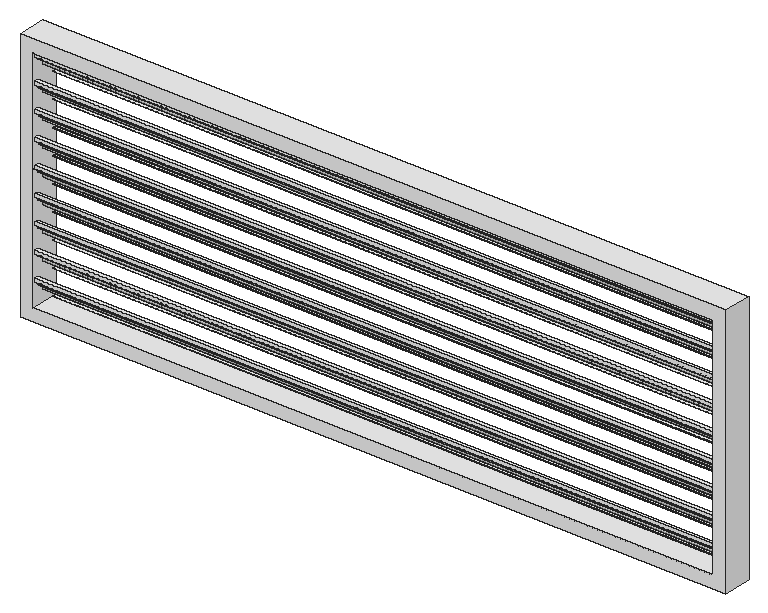
Revit family
Parameters
  폭 1 = Width - 90 mm  # 2410 mm
  그릴 두께 = 100 mm
  Grill Panel 갯수 = 9
  그릴 패널 = AG10 그릴 패널
  그릴 프레임 = AG10 그릴 프레임
  프레임 투영 외부. = 25 mm
  프레임 투영 내부. = 25 mm
  프레임 폭 = 75 mm
  Height = 900 mm
  Wall Closure = (empty or 0)
  Width = 2500 mm
  기본 씰 높이 = 0 mm
Reference planes
  plane 1: y = 0
  plane 2 "중심(왼쪽/오른쪽)": x = 0
  plane 3 "외부": y = 75
  plane 4 "내부": y = -75
  plane 5: y = -25
  plane 6: z = 0
  plane 7: z = 900
  plane 8: x = -1250
  plane 9: x = 1250
  plane 10: x = -1204.925
  plane 11: x = 1204.925
  plane 12: z = 854.925
  plane 13: z = 45
  plane 14: z = 0
  plane 15: y = 72
Forms (mm)
  Extrusion 1, solid, material "AG10 그릴 프레임" <- "그릴 프레임"
    sketch origin (0, 75, 0) x (1, 0, 0) y (0, 0, 1)
      loop
        line (1250, 0) -> (1250, 900) -> (-1250, 900) -> (-1250, 0) -> (1250, 0)
      loop
        line (1204.925, 854.925) -> (-1204.925, 854.925) -> (-1204.925, 45) -> (1204.925, 45) -> (1204.925, 854.925)
    from 0 to 100
Lines and regions (mm)
  Opening 1
    outline origin (-5000, -75, 0) x (1, 0, 0) y (0, 0, 1)
      loop
        line (6250, 900) -> (3750, 900) -> (3750, 0) -> (6250, 0) -> (6250, 900)
Text (mm)
  text "외부" at (-2295.016, 1099.543, 0), in view "참조 레벨"
  text "외부" at (0, 1615.38, 3698.081), in view "왼쪽"
  text "외부" at (0, 1036.032, 3874.932), in view "오른쪽"
Dimensions and locks
  locked: plane 3 "외부" to host wall at 0
  locked: plane 4 "내부" to host wall
  host wall to host wall = 5000 mm
  "그릴 두께": plane 5 to plane 3 "외부"
  "Width": plane 8 to plane 9
  "Height": level to plane 7
  locked: plane 8 to plane 10 at 45.075
  locked: plane 11 to plane 9 at 45.075
  locked: plane 12 to plane 7 at 45.075
  equal spacing: plane 8, plane 2 "중심(왼쪽/오른쪽)", plane 9
  locked: plane 14 to plane 13 at 45
  "기본 씰 높이": plane 6 to plane 14
  locked: plane 3 "외부" to plane 15 at 3
  equal spacing: group 1, group 3, group 4, group 5, group 6, group 7, group 8, group 9, group 2  (x2)
  equal spacing: group 2, group 9, group 8, group 7, group 6, group 5, group 4, group 3, group 1
  aligned and locked: plane 1 to host wall
  aligned and locked: plane 9 to Opening 1 sketch curve
  aligned and locked: plane 7 to Opening 1 sketch curve
  aligned and locked: plane 6 to Opening 1 sketch curve
  aligned and locked: Opening 1 sketch curve to plane 8
  aligned and locked: plane 7 to Extrusion 1 sketch curve
  aligned and locked: plane 9 to Extrusion 1 sketch curve
  aligned and locked: Extrusion 1 sketch curve to plane 14
  aligned and locked: Extrusion 1 sketch curve to plane 8
  aligned and locked: plane 11 to Extrusion 1 sketch curve
  aligned and locked: plane 12 to Extrusion 1 sketch curve
  aligned and locked: plane 13 to Extrusion 1 sketch curve
  aligned and locked: plane 10 to Extrusion 1 sketch curve
  aligned and locked: Extrusion 1 to plane 3 "외부"
  aligned and locked: plane 5 to Extrusion 1
  aligned and locked: plane 2 "중심(왼쪽/오른쪽)" to nested 1
  aligned and locked: nested 1 to plane 15
  aligned and locked: nested 1 to Extrusion 1
  aligned and locked: nested 2 to plane 15
  aligned and locked: nested 2 to Extrusion 1
Nested families
  nested 1: "셔터 블레이드" at (0, -21.656, 854.925), type "셔터 블레이드"
    with 폭 2410 mm
  nested 2: "셔터 블레이드" at (0, -21.656, 140.158), type "셔터 블레이드"
    with 폭 2410 mm
  nested 3: "셔터 블레이드" at (0, -21.656, 765.579), type "셔터 블레이드"
    with 폭 2410 mm
  nested 4: "셔터 블레이드" at (0, -21.656, 676.233), type "셔터 블레이드"
    with 폭 2410 mm
  nested 5: "셔터 블레이드" at (0, -21.656, 586.887), type "셔터 블레이드"
    with 폭 2410 mm
  nested 6: "셔터 블레이드" at (0, -21.656, 497.542), type "셔터 블레이드"
    with 폭 2410 mm
  nested 7: "셔터 블레이드" at (0, -21.656, 408.196), type "셔터 블레이드"
    with 폭 2410 mm
  nested 8: "셔터 블레이드" at (0, -21.656, 318.85), type "셔터 블레이드"
    with 폭 2410 mm
  nested 9: "셔터 블레이드" at (0, -21.656, 229.504), type "셔터 블레이드"
    with 폭 2410 mm
Definition of nested family "셔터 블레이드"
  Parameters
    폭 = 1400 mm
    그릴 패널 = none
  Reference planes
    plane 1 "중심(앞/뒤)": y = 0
    plane 2: z = 0
    plane 3 "중심(왼쪽/오른쪽)": x = 0
    plane 4: x = -700
    plane 5: x = 700
  Forms (mm)
    Extrusion 1, solid, material <- "그릴 패널"
      sketch origin (-1827.286, -3.089, -2354.925) x (0, -1, 0) y (0, 0, 1)
        loop
          line (-15.61, 2354.925) -> (-15.61, 2352.922) -> (-5.092, 2352.922) -> (-5.092, 2343.354) -> (-60.985, 2311.084) -> (-59.983, 2309.349) -> (-52.711, 2313.548)
          arc (-52.711, 2313.548) -> (-43.568, 2311.098) -> (-46.018, 2301.955) r 6.693
          line (-46.018, 2301.955) -> (-71.766, 2287.09)
          arc (-71.766, 2287.09) -> (-71.967, 2288.591) -> (-72.782, 2289.867) r 3.506
          arc (-72.782, 2289.867) -> (-73.392, 2290.063) -> (-73.907, 2289.681) r 0.701
          arc (-73.907, 2289.681) -> (-74.029, 2289.222) -> (-73.83, 2288.79) r 0.701
          arc (-73.83, 2288.79) -> (-75.259, 2285.383) -> (-76.688, 2288.79) r 2.003
          arc (-76.688, 2288.79) -> (-76.489, 2289.222) -> (-76.611, 2289.681) r 0.701
          arc (-76.611, 2289.681) -> (-77.125, 2290.063) -> (-77.735, 2289.867) r 0.701
          arc (-77.735, 2289.867) -> (-78.713, 2286.783) -> (-76.749, 2284.213) r 3.506
          line (-76.749, 2284.213) -> (-96.745, 2272.494) -> (-96.745, 2259.767) -> (-84.224, 2259.767) -> (-84.224, 2261.77) -> (-94.741, 2261.77) -> (-94.741, 2271.338) -> (-45.016, 2300.22)
          arc (-45.016, 2300.22) -> (-40.804, 2309.286) -> (-47.903, 2316.324) r 8.697
          line (-47.903, 2316.324) -> (-28.368, 2327.602)
          arc (-28.368, 2327.602) -> (-28.167, 2326.101) -> (-27.352, 2324.824) r 3.506
          arc (-27.352, 2324.824) -> (-26.742, 2324.629) -> (-26.227, 2325.011) r 0.701
          arc (-26.227, 2325.011) -> (-26.105, 2325.47) -> (-26.304, 2325.901) r 0.701
          arc (-26.304, 2325.901) -> (-24.875, 2329.309) -> (-23.446, 2325.901) r 2.003
          arc (-23.446, 2325.901) -> (-23.645, 2325.47) -> (-23.523, 2325.011) r 0.701
          arc (-23.523, 2325.011) -> (-23.009, 2324.629) -> (-22.399, 2324.824) r 0.701
          arc (-22.399, 2324.824) -> (-21.421, 2327.908) -> (-23.385, 2330.479) r 3.506
          line (-23.385, 2330.479) -> (-3.089, 2342.197) -> (-3.089, 2354.925) -> (-15.61, 2354.925)
      from -1127.286 to -2527.286
  Dimensions and locks
    equal spacing: plane 4, plane 3 "중심(왼쪽/오른쪽)", plane 5
    "폭": plane 4 to plane 5
    aligned and locked: Extrusion 1 to plane 4
    aligned and locked: plane 5 to Extrusion 1
  Automatic sketch dimensions
    Extrusion 1 sketch curve to Extrusion 1 sketch curve = 0 mm  (x22)
    Extrusion 1 sketch curve to level = 0 mm
    Extrusion 1 sketch curve to plane 1 "중심(앞/뒤)" = 0 mm
    Extrusion 1 sketch curve to plane 1 "중심(앞/뒤)" = 2.003 mm
    Extrusion 1 sketch curve to level = 2.003 mm
    Extrusion 1 sketch curve to Extrusion 1 sketch curve = 10.517 mm  (x2)
    Extrusion 1 sketch curve to plane 1 "중심(앞/뒤)" = 19.31 mm
    Extrusion 1 sketch curve to Extrusion 1 sketch curve = 0.495 mm  (x4)
    Extrusion 1 sketch curve to Extrusion 1 sketch curve = 0.053 mm  (x4)
    Extrusion 1 sketch curve to Extrusion 1 sketch curve = 0.439 mm
    Extrusion 1 sketch curve to Extrusion 1 sketch curve = 0.5 mm  (x3)
    Extrusion 1 sketch curve to Extrusion 1 sketch curve = 0.629 mm  (x2)
    Extrusion 1 sketch curve to Extrusion 1 sketch curve = 1.429 mm  (x2)
    Extrusion 1 sketch curve to Extrusion 1 sketch curve = 1.352 mm  (x2)
    Extrusion 1 sketch curve to Extrusion 1 sketch curve = 0.076 mm  (x2)
    Extrusion 1 sketch curve to Extrusion 1 sketch curve = 2.065 mm
    Extrusion 1 sketch curve to Extrusion 1 sketch curve = 17.665 mm
    Extrusion 1 sketch curve to Extrusion 1 sketch curve = 1.002 mm  (x2)
    Extrusion 1 sketch curve to Extrusion 1 sketch curve = 1.885 mm
    Extrusion 1 sketch curve to Extrusion 1 sketch curve = 3.347 mm
    Extrusion 1 sketch curve to Extrusion 1 sketch curve = 4.809 mm
    Extrusion 1 sketch curve to Extrusion 1 sketch curve = 7.272 mm
    Extrusion 1 sketch curve to level = 43.841 mm
    Extrusion 1 sketch curve to Extrusion 1 sketch curve = 11.782 mm
    Extrusion 1 sketch curve to Extrusion 1 sketch curve = 1.017 mm
    Extrusion 1 sketch curve to Extrusion 1 sketch curve = 1.49 mm
    Extrusion 1 sketch curve to Extrusion 1 sketch curve = 0.576 mm
    Extrusion 1 sketch curve to Extrusion 1 sketch curve = 7.475 mm
    Extrusion 1 sketch curve to Extrusion 1 sketch curve = 2.003 mm  (x2)
    Extrusion 1 sketch curve to Extrusion 1 sketch curve = 1.735 mm  (x2)
    Extrusion 1 sketch curve to Extrusion 1 sketch curve = 5.796 mm
    Extrusion 1 sketch curve to Extrusion 1 sketch curve = 19.482 mm
    Extrusion 1 sketch curve to Extrusion 1 sketch curve = 0.186 mm  (x2)
    Extrusion 1 sketch curve to Extrusion 1 sketch curve = 11.718 mm
    Extrusion 1 sketch curve to Extrusion 1 sketch curve = 1.157 mm  (x2)
    Extrusion 1 sketch curve to Extrusion 1 sketch curve = 9.568 mm
    Extrusion 1 sketch curve to Extrusion 1 sketch curve = 18.53 mm
